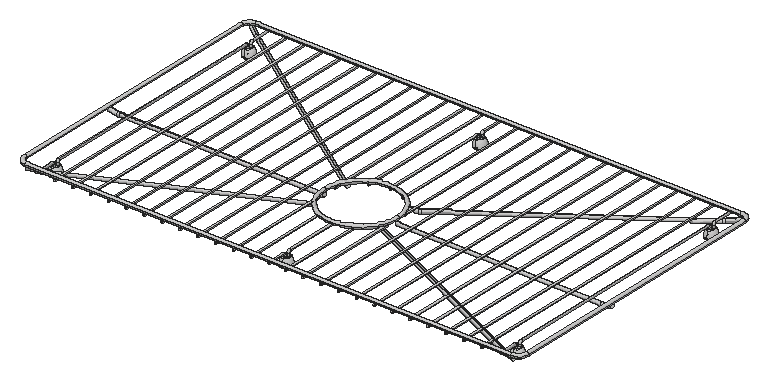
Revit family "Accessory-Sink_Rack-KOHLER-Strive-K-33162_1", category Specialty Equipment, host Face, Revit 2021
Family settings
  Host = Face
  Round Connector Dimension = Use Diameter
  Part Type = Normal
  OmniClass Number = 23.31.13.00
  OmniClass Title = Sinks
  Cut with Voids When Loaded = No
  Shared = No
  Room Calculation Point = No
Parameters (values of type "ST-Stainless Steel")
  Width = 16 177/256"  # constant formula
  WaterSense Certified = 1 = 0  # no
  URL = "https://www.us.kohler.com/us/"
  Type = 1
  Product Page URL = "http://www.us.kohler.com/us/catalog/productDetails.jsp?productNumber=33162"
  Product Name = "Strive"  # constant formula
  Product Documentation Link = "https://www.us.kohler.com/webassets/kpna/catalog/pdf/en/K-33162_spec_US-CA_Kohler_en.pdf"
  Model = "K-33162-ST"  # constant formula
  Material = "Stainless Steel\r\n"  # constant formula
  Master Format 2014 Name = "Toilet, Bath, and Laundry Accessories"  # constant formula
  Master Format 2014 = "10 28 00"  # constant formula
  Manufacturer Address = "444 Highland Dr, Kohler, WI 53044"  # constant formula
  Manufacturer = "Kohler Co."  # constant formula
  Length = 29 1/64"  # constant formula
  Height = 1 3/128"  # constant formula
  Finish = KOHLER-Metal-ST-Stainless_Steel
  Environmental Product Declaration = ""
  Description = "BasinRack For 33 Inch 1-Basin Farmhouse"  # constant formula
  Default Elevation = 0"
  Declare Label = ""
  Date Modified = "05/12/2023"  # constant formula
  Date Created = "05/12/2023"  # constant formula
  Copyright = "Copyright Kohler Co."  # constant formula
  Contact Us = "https://www.us.kohler.com/us/static/contact.jsp"
  Assembly Code = "C1030200"
  ADA Compliant = 1 = 0  # no
Reference planes (in)
  plane 1 "Center (Front/Back)": y = 0
  plane 2: z = 0
  plane 3 "Center (Left/Right)": x = 0
  plane 4: x = -14.50787
  plane 5: x = 14.50775
  plane 6: y = 10.03937
  plane 7: y = -18.97638
  plane 8: y = -5.3105
  plane 9: x = 13.26781
  plane 10: x = -13.26178
  plane 11: y = 2.19096
  plane 12: y = -2.19096
  plane 13: x = -2.20563
  plane 14: x = 2.2115
  plane 15: y = 8.56202
  plane 16: z = 1.02344
  plane 17: z = 0.82659
  plane 18: y = -6.65204
Dimensions and locks (in)
  "Length": plane 4 to plane 5
  plane 4 to plane 10 = 1 63/256"
  plane 4 to plane 3 "Center (Left/Right)" = 14.50787"
  plane 13 to plane 14 = 4.41714"
  plane 6 to plane 15 = 1.47735"
  plane 1 "Center (Front/Back)" to plane 6 = 10.03937"
  plane 16 to plane 17 = 0.19685"
  "Height": plane 16 to level
  "Width": plane 6 to plane 18
  aligned and locked: plane 2 to host face
  aligned and locked: level to host face
Automatic sketch dimensions
  host sketch curve to host sketch curve = 96"  (x2)
Nested families (in)
  nested 1: "K-33162" at (0, 0, 0), type "K-33162"
Definition of nested family "K-33162"
  Parameters
    Material = none
    Default Elevation = 0"
  Reference planes (in)
    plane 1 "Center (Front/Back)": y = 0
    plane 2: z = 0
    plane 3 "Center (Left/Right)": x = 0
    plane 4: x = -14.50787
    plane 5: x = 14.50787
    plane 6: y = 10.03937
    plane 7: y = -6.65354
    plane 8: x = -13.2874
    plane 9: z = 1.02362
    plane 10: z = 0.82677
    plane 11: x = 13.2874
    plane 12: y = 9.84252
    plane 13: y = -6.45669
    plane 14: x = -14.31102
    plane 15: x = 14.31102
    plane 16: y = 9.94094
    plane 17: x = 14.40945
    plane 18: y = -6.55512
    plane 19 "A": through (1.7942, 1.262, 48) normal (-0.5715, 0.8206, 0)
    plane 20 "B": through (1.99805, -0.89288, 48) normal (0.4257, 0.9048, 0)
    plane 21 "C": through (-1.97567, -0.91761, 48) normal (0.4235, -0.9059, 0)
    plane 22 "D": through (-1.79185, 1.25701, 48) normal (-0.5718, -0.8204, 0)
    plane 23: y = 2.19096
    plane 24: y = -2.19096
    plane 25: y = 1.99411
    plane 26: y = -1.99411
    plane 27: x = -12.23628
    plane 28: z = 0.77197
    plane 29 "G": x = 13.26781
    plane 30: x = 12.24527
    plane 31: x = 11.21893
    plane 32: x = 10.19345
    plane 33: x = 9.16921
    plane 34: x = 8.14266
    plane 35: x = 7.11843
    plane 36: x = 6.09419
    plane 37: x = 5.06841
    plane 38: x = 4.04418
    plane 39: x = 3.01763
    plane 40: x = 1.99253
    plane 41: x = 0.99753
    plane 42 "F": x = 0.00293
    plane 43: x = -0.99185
    plane 44: x = -1.98604
    plane 45: x = -3.01134
    plane 46 "E": x = -13.26178
    plane 47: x = -11.21222
    plane 48: x = -10.18645
    plane 49: x = -9.16221
    plane 50: x = -8.13643
    plane 51: x = -7.11066
    plane 52: x = -6.08642
    plane 53: x = -5.06065
    plane 54: x = -4.03711
    plane 55: y = -5.3105
    plane 56: y = 8.56202
    plane 57: y = 1.69291
    plane 58 "z": through (13.99174, 9.75677, 48) normal (-0.8206, -0.5715, 0)
    plane 59 "X": through (-14.17313, 9.77191, 48) normal (-0.8204, 0.5718, 0)
    plane 60 "Y": through (-14.01894, -6.44335, 48) normal (0.9059, 0.4235, 0)
    plane 61 "W": through (13.93497, -6.60021, 48) normal (-0.9048, 0.4257, 0)
    plane 62: x = -2.20563
    plane 63: x = 2.2115
  Forms (in)
    Sweep 1, solid, material <- "Material", detail levels medium+fine
      path origin (0, 0, 0) x (1, 0, 0) y (0, 1, 0)
        loop
          arc (-13.91157, 9.94094) -> (-14.26362, 9.79512) -> (-14.40945, 9.44306) r 0.49788
          line (-14.40945, 9.44306) -> (-14.40945, -6.07211)
          arc (-14.40945, -6.07211) -> (-14.26798, -6.41365) -> (-13.92644, -6.55512) r 0.48301
          line (-13.92644, -6.55512) -> (13.93926, -6.55512)
          arc (13.93926, -6.55512) -> (14.27173, -6.4174) -> (14.40945, -6.08493) r 0.47019
          line (14.40945, -6.08493) -> (14.40945, 9.45974)
          arc (14.40945, 9.45974) -> (14.26851, 9.8) -> (13.92824, 9.94094) r 0.48121
          line (13.92824, 9.94094) -> (-13.91157, 9.94094)
      profile origin (0.00834, 9.94094, 0) x (0, 1, 0) y (0, 0, 1)
        loop
          circle (0.00058, 0.92561) r 0.09843
    Sweep 2, solid, material <- "Material"
      path origin (0, 0, 0.0123) x (1, 0, 0) y (0, 0, 1)
        loop
          line (14.42359, 0.73291) -> (14.00527, 0.644)
          arc (14.00527, 0.644) -> (13.93291, 0.63254) -> (13.85975, 0.6287) r 0.69991
          line (13.85975, 0.6287) -> (2.09555, 0.6287)
      profile origin (14.42359, 0, 0.74522) x (0.207912, 0, -0.978148) y (0, -1, 0)
        loop
          circle (0.01384, -0.00615) r 0.09449
    Sweep 3, solid, material <- "Material"
      path origin (0, 0, -0.00923) x (1, 0, 0) y (0, 0, 1)
        loop
          line (-2.09105, 0.63931) -> (-13.75361, 0.63931)
          arc (-13.75361, 0.63931) -> (-13.83247, 0.64275) -> (-13.91072, 0.65305) r 0.90475
          line (-13.91072, 0.65305) -> (-14.42159, 0.74313)
      profile origin (-14.42159, 0, 0.73391) x (-0.173648, 0, -0.984808) y (0, -1, 0)
        loop
          circle (0.00308, -0.00615) r 0.09449
    Sweep 4, solid, material <- "Material"
      path origin (-0.00584, 0.00839, -0.01845) x (-0.820605, -0.571496, 0) y (0, 0, 1)
        loop
          line (-17.27784, 0.75718) -> (-16.39701, 0.64903)
          arc (-16.39701, 0.64903) -> (-16.32493, 0.64241) -> (-16.25259, 0.6402) r 1.18502
          line (-16.25259, 0.6402) -> (-2.73167, 0.6402)
          arc (-2.73167, 0.6402) -> (-2.65808, 0.64341) -> (-2.58506, 0.65302) r 0.84431
          line (-2.58506, 0.65302) -> (-2.16871, 0.72644)
      profile origin (14.17243, 9.88261, 0.73873) x (-0.100007, -0.069648, 0.992546) y (-0.571496, 0.820605, 0)
        loop
          circle (0, 0) r 0.09449
    Sweep 5, solid, material <- "Material"
      path origin (0.04086, 0.02801, -0.0123) x (-0.904845, 0.425741, 0) y (0, 0, 1)
        loop
          line (-15.39538, 0.74288) -> (-14.70931, 0.64646)
          arc (-14.70931, 0.64646) -> (-14.65857, 0.64113) -> (-14.60758, 0.63935) r 0.73098
          line (-14.60758, 0.63935) -> (-2.13676, 0.63935)
      profile origin (13.9713, -6.52644, 0.73058) x (-0.12593, 0.059252, 0.990268) y (0.425741, 0.904845, 0)
        loop
          circle (0, 0.01179) r 0.09449
    Sweep 6, solid, material <- "Material"
      path origin (0.00272, 0.00637, -0.00647) x (0.820423, -0.571757, 0) y (0, 0, 1)
        loop
          line (-17.21329, 0.73702) -> (-16.4414, 0.6559)
          arc (-16.4414, 0.6559) -> (-16.27088, 0.64248) -> (-16.09989, 0.638) r 3.26711
          line (-16.09989, 0.638) -> (-2.66413, 0.638)
          arc (-2.66413, 0.638) -> (-2.5965, 0.64125) -> (-2.52951, 0.65096) r 0.70551
          line (-2.52951, 0.65096) -> (-2.07042, 0.7402)
      profile origin (-14.11946, 9.84818, 0.73056) x (0.085758, -0.059765, 0.994522) y (-0.571757, -0.820423, 0)
        loop
          circle (0, -0.00067) r 0.09449
    Sweep 7, solid, material <- "Material"
      path origin (-0.00226, 0.00484, 0.00077) x (0.905913, 0.423463, 0) y (0, 0, 1)
        loop
          line (-15.41959, 0.74046) -> (-14.76575, 0.6369)
          arc (-14.76575, 0.6369) -> (-14.69691, 0.62876) -> (-14.62765, 0.62603) r 0.8828
          line (-14.62765, 0.62603) -> (-2.18209, 0.62603)
      profile origin (-13.97107, -6.52479, 0.74123) x (0.141716, 0.066244, 0.987688) y (0.423463, -0.905913, 0)
        loop
          circle (0, 0) r 0.09449
    Sweep 8, solid, material <- "Material", detail levels medium+fine
      path origin (0, -0.17347, 0) x (1, 0, 0) y (0, 1, 0)
        loop
          circle (0.00323, 0.17103) r 2.09843
      profile origin (0.00323, 2.09599, 0) x (0, -1, 0) y (0, 0, 1)
        loop
          circle (0, 0.92143) r 0.09449
    Extrusion 9, solid, material <- "Material", detail levels medium+fine
      sketch origin (0, 0, -0.0036) x (1, 0, 0) y (0, 0, 1)
        loop
          circle (-12.23673, 0.77313) r 0.05314
        loop
          circle (-11.2124, 0.77313) r 0.05314
        loop
          circle (-10.18656, 0.77313) r 0.05314
        loop
          circle (-9.16223, 0.77313) r 0.05314
        loop
          circle (-8.13684, 0.77313) r 0.05314
        loop
          circle (-7.11142, 0.77313) r 0.05314
        loop
          circle (-6.08663, 0.77313) r 0.05314
        loop
          circle (-5.0626, 0.77313) r 0.05314
        loop
          circle (-4.03746, 0.77313) r 0.05314
        loop
          circle (-3.01228, 0.77313) r 0.05314
        loop
          circle (3.01914, 0.77313) r 0.05314
        loop
          circle (4.03958, 0.77313) r 0.05314
        loop
          circle (5.06824, 0.77313) r 0.05314
        loop
          circle (6.09276, 0.77313) r 0.05314
        loop
          circle (7.1182, 0.77313) r 0.05314
        loop
          circle (8.14228, 0.77313) r 0.05314
        loop
          circle (9.1689, 0.77313) r 0.05314
        loop
          circle (10.19185, 0.77313) r 0.05314
        loop
          circle (11.21903, 0.77313) r 0.05314
        loop
          circle (12.24305, 0.77313) r 0.05314
      from -9.89541 to 6.64756
    Sweep 10, solid, material <- "Material"
      path origin (-13.26178, 0, 0) x (0, 0, 1) y (0, -1, 0)
        loop
          line (0.77382, -9.93521) -> (0.77382, -8.77315)
          arc (0.77382, -8.77315) -> (0.75177, -8.71992) -> (0.69854, -8.69787) r 0.07527
          line (0.69854, -8.69787) -> (0.27514, -8.69787)
          arc (0.27514, -8.69787) -> (0.1439, -8.56663) -> (0.27514, -8.43539) r 0.13124
          line (0.27514, -8.43539) -> (0.68656, -8.43539)
          arc (0.68656, -8.43539) -> (0.74826, -8.40984) -> (0.77382, -8.34814) r 0.08726
          line (0.77382, -8.34814) -> (0.77382, 5.09928)
          arc (0.77382, 5.09928) -> (0.7505, 5.15558) -> (0.69421, 5.1789) r 0.07961
          line (0.69421, 5.1789) -> (0.27461, 5.1789)
          arc (0.27461, 5.1789) -> (0.14407, 5.30943) -> (0.27461, 5.43997) r 0.13054
          line (0.27461, 5.43997) -> (0.69589, 5.43997)
          arc (0.69589, 5.43997) -> (0.75099, 5.4628) -> (0.77382, 5.5179) r 0.07793
          line (0.77382, 5.5179) -> (0.77382, 6.52398)
      profile origin (-13.26178, 9.93521, 0.77382) x (0, 0, -1) y (1, 0, 0)
        loop
          circle (0, 0) r 0.05315
    Sweep 11, solid, material <- "Material"
      path origin (13.26781, 0, 0) x (0, 0, 1) y (0, -1, 0)
        loop
          line (0.77382, -9.93521) -> (0.77382, -8.77315)
          arc (0.77382, -8.77315) -> (0.75177, -8.71992) -> (0.69854, -8.69787) r 0.07527
          line (0.69854, -8.69787) -> (0.27514, -8.69787)
          arc (0.27514, -8.69787) -> (0.1439, -8.56663) -> (0.27514, -8.43539) r 0.13124
          line (0.27514, -8.43539) -> (0.68656, -8.43539)
          arc (0.68656, -8.43539) -> (0.74826, -8.40984) -> (0.77382, -8.34814) r 0.08726
          line (0.77382, -8.34814) -> (0.77382, 5.09928)
          arc (0.77382, 5.09928) -> (0.7505, 5.15558) -> (0.69421, 5.1789) r 0.07961
          line (0.69421, 5.1789) -> (0.27461, 5.1789)
          arc (0.27461, 5.1789) -> (0.14407, 5.30943) -> (0.27461, 5.43997) r 0.13054
          line (0.27461, 5.43997) -> (0.69589, 5.43997)
          arc (0.69589, 5.43997) -> (0.75099, 5.4628) -> (0.77382, 5.5179) r 0.07793
          line (0.77382, 5.5179) -> (0.77382, 6.52398)
      profile origin (13.26781, 9.93521, 0.77382) x (0, 0, -1) y (1, 0, 0)
        loop
          circle (0, 0) r 0.05315
    Revolve 12, solid, material <- "Material", detail levels medium+fine
      sketch origin (0, 0, 0) x (0, 1, 0) y (0, 0, 1)
        loop
          line (8.77695, 0.56009) -> (8.56841, 0.56009) -> (8.56841, 0)
          arc (8.56841, 0) -> (8.7357, 0.02297) -> (8.88426, 0.10321) r 0.47314
          arc (8.88426, 0.10321) -> (8.89472, 0.11614) -> (8.89878, 0.13227) r 0.03871
          arc (8.89878, 0.13227) -> (8.87763, 0.34468) -> (8.80275, 0.54457) r 0.82579
          arc (8.80275, 0.54457) -> (8.792, 0.55591) -> (8.77695, 0.56009) r 0.02921
        axis (8.56841, 0.56009) -> (8.56841, 0)
      angle from 0 to 360
    Extrusion 13, void
      sketch origin (0, 0, 0) x (1, 0, 0) y (0, 1, 0)
        loop
          arc (0.05641, 8.70431) -> (0.00298, 8.75774) -> (-0.05045, 8.70431) r 0.05343
          line (-0.05045, 8.70431) -> (-0.05045, 8.42993)
          arc (-0.05045, 8.42993) -> (0.00298, 8.3765) -> (0.05641, 8.42993) r 0.05343
          line (0.05641, 8.42993) -> (0.05641, 8.70431)
      from 0.08795 to 0.56272
    Revolve 14, solid, material <- "Material", detail levels medium+fine
      sketch origin (-13.26092, 0, 0) x (0, 1, 0) y (0, 0, 1)
        loop
          line (8.77695, 0.56009) -> (8.56841, 0.56009) -> (8.56841, 0)
          arc (8.56841, 0) -> (8.7357, 0.02297) -> (8.88426, 0.10321) r 0.47314
          arc (8.88426, 0.10321) -> (8.89472, 0.11614) -> (8.89878, 0.13227) r 0.03871
          arc (8.89878, 0.13227) -> (8.87763, 0.34468) -> (8.80275, 0.54457) r 0.82579
          arc (8.80275, 0.54457) -> (8.792, 0.55591) -> (8.77695, 0.56009) r 0.02921
        axis (8.56841, 0.56009) -> (8.56841, 0)
      angle from 0 to 360
    Extrusion 15, void
      sketch origin (-13.26707, 0, 0) x (1, 0, 0) y (0, 1, 0)
        loop
          arc (0.05641, 8.70431) -> (0.00298, 8.75774) -> (-0.05045, 8.70431) r 0.05343
          line (-0.05045, 8.70431) -> (-0.05045, 8.42993)
          arc (-0.05045, 8.42993) -> (0.00298, 8.3765) -> (0.05641, 8.42993) r 0.05343
          line (0.05641, 8.42993) -> (0.05641, 8.70431)
      from 0.08795 to 0.56272
    Revolve 16, solid, material <- "Material", detail levels medium+fine
      sketch origin (13.26429, 0, 0) x (0, 1, 0) y (0, 0, 1)
        loop
          line (8.77695, 0.56009) -> (8.56841, 0.56009) -> (8.56841, 0)
          arc (8.56841, 0) -> (8.7357, 0.02297) -> (8.88426, 0.10321) r 0.47314
          arc (8.88426, 0.10321) -> (8.89472, 0.11614) -> (8.89878, 0.13227) r 0.03871
          arc (8.89878, 0.13227) -> (8.87763, 0.34468) -> (8.80275, 0.54457) r 0.82579
          arc (8.80275, 0.54457) -> (8.792, 0.55591) -> (8.77695, 0.56009) r 0.02921
        axis (8.56841, 0.56009) -> (8.56841, 0)
      angle from 0 to 360
    Extrusion 17, void
      sketch origin (13.26429, 0, 0) x (1, 0, 0) y (0, 1, 0)
        loop
          arc (0.05641, 8.70431) -> (0.00298, 8.75774) -> (-0.05045, 8.70431) r 0.05343
          line (-0.05045, 8.70431) -> (-0.05045, 8.42993)
          arc (-0.05045, 8.42993) -> (0.00298, 8.3765) -> (0.05641, 8.42993) r 0.05343
          line (0.05641, 8.42993) -> (0.05641, 8.70431)
      from 0.08795 to 0.56272
    Revolve 18, solid, material <- "Material", detail levels medium+fine
      sketch origin (-13.26092, -13.87867, 0) x (0, 1, 0) y (0, 0, 1)
        loop
          line (8.77695, 0.56009) -> (8.56841, 0.56009) -> (8.56841, 0)
          arc (8.56841, 0) -> (8.7357, 0.02297) -> (8.88426, 0.10321) r 0.47314
          arc (8.88426, 0.10321) -> (8.89472, 0.11614) -> (8.89878, 0.13227) r 0.03871
          arc (8.89878, 0.13227) -> (8.87763, 0.34468) -> (8.80275, 0.54457) r 0.82579
          arc (8.80275, 0.54457) -> (8.792, 0.55591) -> (8.77695, 0.56009) r 0.02921
        axis (8.56841, 0.56009) -> (8.56841, 0)
      angle from 0 to 360
    Revolve 19, solid, material <- "Material", detail levels medium+fine
      sketch origin (0.00198, -13.87867, 0) x (0, 1, 0) y (0, 0, 1)
        loop
          line (8.77695, 0.56009) -> (8.56841, 0.56009) -> (8.56841, 0)
          arc (8.56841, 0) -> (8.7357, 0.02297) -> (8.88426, 0.10321) r 0.47314
          arc (8.88426, 0.10321) -> (8.89472, 0.11614) -> (8.89878, 0.13227) r 0.03871
          arc (8.89878, 0.13227) -> (8.87763, 0.34468) -> (8.80275, 0.54457) r 0.82579
          arc (8.80275, 0.54457) -> (8.792, 0.55591) -> (8.77695, 0.56009) r 0.02921
        axis (8.56841, 0.56009) -> (8.56841, 0)
      angle from 0 to 360
    Revolve 20, solid, material <- "Material", detail levels medium+fine
      sketch origin (13.26637, -13.87867, 0) x (0, 1, 0) y (0, 0, 1)
        loop
          line (8.77695, 0.56009) -> (8.56841, 0.56009) -> (8.56841, 0)
          arc (8.56841, 0) -> (8.7357, 0.02297) -> (8.88426, 0.10321) r 0.47314
          arc (8.88426, 0.10321) -> (8.89472, 0.11614) -> (8.89878, 0.13227) r 0.03871
          arc (8.89878, 0.13227) -> (8.87763, 0.34468) -> (8.80275, 0.54457) r 0.82579
          arc (8.80275, 0.54457) -> (8.792, 0.55591) -> (8.77695, 0.56009) r 0.02921
        axis (8.56841, 0.56009) -> (8.56841, 0)
      angle from 0 to 360
    Extrusion 21, void
      sketch origin (0, 0, 0) x (1, 0, 0) y (0, 1, 0)
        loop
          arc (-13.208, -5.17275) -> (-13.26136, -5.11939) -> (-13.31472, -5.17275) r 0.05336
          line (-13.31472, -5.17275) -> (-13.31472, -5.44828)
          arc (-13.31472, -5.44828) -> (-13.26136, -5.50164) -> (-13.208, -5.44828) r 0.05336
          line (-13.208, -5.44828) -> (-13.208, -5.17275)
      from 0.07355 to 0.56243
    Extrusion 22, void
      sketch origin (0, 0, 0) x (1, 0, 0) y (0, 1, 0)
        loop
          line (-0.05083, -5.17318) -> (-0.05083, -5.44741)
          arc (-0.05083, -5.44741) -> (0.00262, -5.50087) -> (0.05608, -5.44741) r 0.05345
          line (0.05608, -5.44741) -> (0.05608, -5.17318)
          arc (0.05608, -5.17318) -> (0.00262, -5.11972) -> (-0.05083, -5.17318) r 0.05345
      from 0.06127 to 0.57795
    Extrusion 23, void
      sketch origin (0, 0, 0) x (1, 0, 0) y (0, 1, 0)
        loop
          arc (13.2144, -5.4484) -> (13.26752, -5.50152) -> (13.32064, -5.4484) r 0.05312
          line (13.32064, -5.4484) -> (13.32064, -5.17274)
          arc (13.32064, -5.17274) -> (13.26752, -5.11962) -> (13.2144, -5.17274) r 0.05312
          line (13.2144, -5.17274) -> (13.2144, -5.4484)
      from 0.07355 to 0.57204
    Extrusion 24, solid, material <- "Material", detail levels medium+fine
      sketch origin (0, 0, 0) x (1, 0, 0) y (0, 0, 1)
        loop
          circle (0.99753, 0.77197) r 0.05315
        loop
          circle (-0.99185, 0.77197) r 0.05315
      from 1.82248 to 6.64756
    Extrusion 25, solid, material <- "Material", detail levels medium+fine
      sketch origin (0, 0, 0) x (1, 0, 0) y (0, 0, 1)
        loop
          circle (0.99753, 0.77197) r 0.05315
        loop
          circle (-0.99185, 0.77197) r 0.05315
      from -9.89541 to -1.79879
    Extrusion 26, solid, material <- "Material", detail levels medium+fine
      sketch origin (0, 0, 0) x (1, 0, 0) y (0, 0, 1)
        loop
          circle (1.99337, 0.77414) r 0.05314
        loop
          circle (-1.98604, 0.77414) r 0.05314
      from 0.61905 to 6.64756
    Extrusion 27, solid, material <- "Material", detail levels medium+fine
      sketch origin (0, 0, 0) x (1, 0, 0) y (0, 0, 1)
        loop
          circle (1.99337, 0.77414) r 0.05314
        loop
          circle (-1.98604, 0.77414) r 0.05314
      from 0.61905 to 6.64756
    Extrusion 28, solid, material <- "Material", detail levels medium+fine
      sketch origin (0, 10.23622, 0) x (1, 0, 0) y (0, 0, 1)
        loop
          circle (1.99337, 0.77414) r 0.05314
        loop
          circle (-1.98604, 0.77414) r 0.05314
      from 0.34082 to 9.58744
    Sweep 29, solid, material <- "Material"
      path origin (0, 0, 0) x (0, 1, 0) y (0, 0, 1)
        loop
          line (9.93521, 0.77382) -> (8.78146, 0.77382)
          arc (8.78146, 0.77382) -> (8.72905, 0.75211) -> (8.70734, 0.6997) r 0.07412
          line (8.70734, 0.6997) -> (8.70734, 0.27675)
          arc (8.70734, 0.27675) -> (8.56907, 0.13848) -> (8.43079, 0.27675) r 0.13827
          line (8.43079, 0.27675) -> (8.43079, 0.67986)
          arc (8.43079, 0.67986) -> (8.40382, 0.745) -> (8.33868, 0.77197) r 0.09211
          line (8.33868, 0.77197) -> (2.11633, 0.77197)
      profile origin (0, 9.35833, 0.77382) x (0, 0, -1) y (1, 0, 0)
        loop
          circle (0, 0) r 0.05512
    Sweep 30, solid, material <- "Material"
      path origin (0, 0, 0) x (0, 1, 0) y (0, 0, 1)
        loop
          line (-6.56235, 0.77414) -> (-5.53868, 0.77414)
          arc (-5.53868, 0.77414) -> (-5.4702, 0.74577) -> (-5.44184, 0.67729) r 0.09685
          line (-5.44184, 0.67729) -> (-5.44184, 0.2744)
          arc (-5.44184, 0.2744) -> (-5.30841, 0.14098) -> (-5.17499, 0.2744) r 0.13343
          line (-5.17499, 0.2744) -> (-5.17499, 0.7102)
          arc (-5.17499, 0.7102) -> (-5.15689, 0.75388) -> (-5.11321, 0.77197) r 0.06177
          line (-5.11321, 0.77197) -> (-2.08803, 0.77197)
      profile origin (0, -3.60062, 0.77197) x (0, 0, 1) y (1, 0, 0)
        loop
          circle (0, 0) r 0.05512
    Revolve 31, solid, material <- "Material", detail levels coarse
      sketch origin (-13.26092, -0.00436, 0.39019) x (0, 1, 0) y (0, 0, 1)
        loop
          line (8.56841, 0.21241) -> (8.56841, -0.41308)
          arc (8.56841, -0.41308) -> (8.74853, -0.3955) -> (8.90887, -0.31158) r 0.47314
          arc (8.90887, -0.31158) -> (8.91932, -0.29864) -> (8.92338, -0.28252) r 0.03871
          arc (8.92338, -0.28252) -> (8.89745, -0.05063) -> (8.8077, 0.16474) r 0.82579
          arc (8.8077, 0.16474) -> (8.77209, 0.19966) -> (8.72387, 0.21241) r 0.09754
          line (8.72387, 0.21241) -> (8.56841, 0.21241)
        axis (8.56841, 0.21241) -> (8.56841, -0.41308)
      angle from 0 to 360
    Revolve 32, solid, material <- "Material", detail levels coarse
      sketch origin (-13.26092, -13.87018, 0.39019) x (0, 1, 0) y (0, 0, 1)
        loop
          line (8.56841, 0.21241) -> (8.56841, -0.41308)
          arc (8.56841, -0.41308) -> (8.74853, -0.3955) -> (8.90887, -0.31158) r 0.47314
          arc (8.90887, -0.31158) -> (8.91932, -0.29864) -> (8.92338, -0.28252) r 0.03871
          arc (8.92338, -0.28252) -> (8.89745, -0.05063) -> (8.8077, 0.16474) r 0.82579
          arc (8.8077, 0.16474) -> (8.77209, 0.19966) -> (8.72387, 0.21241) r 0.09754
          line (8.72387, 0.21241) -> (8.56841, 0.21241)
        axis (8.56841, 0.21241) -> (8.56841, -0.41308)
      angle from 0 to 360
    Revolve 33, solid, material <- "Material", detail levels coarse
      sketch origin (0.00581, -13.87018, 0.39019) x (0, 1, 0) y (0, 0, 1)
        loop
          line (8.56841, 0.21241) -> (8.56841, -0.41308)
          arc (8.56841, -0.41308) -> (8.74853, -0.3955) -> (8.90887, -0.31158) r 0.47314
          arc (8.90887, -0.31158) -> (8.91932, -0.29864) -> (8.92338, -0.28252) r 0.03871
          arc (8.92338, -0.28252) -> (8.89745, -0.05063) -> (8.8077, 0.16474) r 0.82579
          arc (8.8077, 0.16474) -> (8.77209, 0.19966) -> (8.72387, 0.21241) r 0.09754
          line (8.72387, 0.21241) -> (8.56841, 0.21241)
        axis (8.56841, 0.21241) -> (8.56841, -0.41308)
      angle from 0 to 360
    Revolve 34, solid, material <- "Material", detail levels coarse
      sketch origin (0.00581, 0.0109, 0.39019) x (0, 1, 0) y (0, 0, 1)
        loop
          line (8.56841, 0.21241) -> (8.56841, -0.41308)
          arc (8.56841, -0.41308) -> (8.74853, -0.3955) -> (8.90887, -0.31158) r 0.47314
          arc (8.90887, -0.31158) -> (8.91932, -0.29864) -> (8.92338, -0.28252) r 0.03871
          arc (8.92338, -0.28252) -> (8.89745, -0.05063) -> (8.8077, 0.16474) r 0.82579
          arc (8.8077, 0.16474) -> (8.77209, 0.19966) -> (8.72387, 0.21241) r 0.09754
          line (8.72387, 0.21241) -> (8.56841, 0.21241)
        axis (8.56841, 0.21241) -> (8.56841, -0.41308)
      angle from 0 to 360
    Revolve 35, solid, material <- "Material", detail levels coarse
      sketch origin (13.27044, 0.0109, 0.39019) x (0, 1, 0) y (0, 0, 1)
        loop
          line (8.56841, 0.21241) -> (8.56841, -0.41308)
          arc (8.56841, -0.41308) -> (8.74853, -0.3955) -> (8.90887, -0.31158) r 0.47314
          arc (8.90887, -0.31158) -> (8.91932, -0.29864) -> (8.92338, -0.28252) r 0.03871
          arc (8.92338, -0.28252) -> (8.89745, -0.05063) -> (8.8077, 0.16474) r 0.82579
          arc (8.8077, 0.16474) -> (8.77209, 0.19966) -> (8.72387, 0.21241) r 0.09754
          line (8.72387, 0.21241) -> (8.56841, 0.21241)
        axis (8.56841, 0.21241) -> (8.56841, -0.41308)
      angle from 0 to 360
    Revolve 36, solid, material <- "Material", detail levels coarse
      sketch origin (13.27044, -13.88273, 0.39019) x (0, 1, 0) y (0, 0, 1)
        loop
          line (8.56841, 0.21241) -> (8.56841, -0.41308)
          arc (8.56841, -0.41308) -> (8.74853, -0.3955) -> (8.90887, -0.31158) r 0.47314
          arc (8.90887, -0.31158) -> (8.91932, -0.29864) -> (8.92338, -0.28252) r 0.03871
          arc (8.92338, -0.28252) -> (8.89745, -0.05063) -> (8.8077, 0.16474) r 0.82579
          arc (8.8077, 0.16474) -> (8.77209, 0.19966) -> (8.72387, 0.21241) r 0.09754
          line (8.72387, 0.21241) -> (8.56841, 0.21241)
        axis (8.56841, 0.21241) -> (8.56841, -0.41308)
      angle from 0 to 360
    Extrusion 37, solid, material <- "Material", detail levels coarse
      sketch origin (0, 0, 0) x (1, 0, 0) y (0, 1, 0)
        loop
          line (13.93988, 10.03937) -> (-13.91905, 10.03937)
          arc (-13.91905, 10.03937) -> (-14.33541, 9.86691) -> (-14.50787, 9.45055) r 0.58882
          line (-14.50787, 9.45055) -> (-14.50787, -6.05503)
          arc (-14.50787, -6.05503) -> (-14.33257, -6.47824) -> (-13.90937, -6.65354) r 0.59851
          line (-13.90937, -6.65354) -> (13.91563, -6.65354)
          arc (13.91563, -6.65354) -> (14.33441, -6.48008) -> (14.50787, -6.0613) r 0.59224
          line (14.50787, -6.0613) -> (14.50787, 9.47137)
          arc (14.50787, 9.47137) -> (14.34151, 9.87301) -> (13.93988, 10.03937) r 0.568
        loop
          arc (-13.91732, 9.84252) -> (-14.19571, 9.72721) -> (-14.31102, 9.44882) r 0.3937
          line (-14.31102, 9.44882) -> (-14.31102, -6.06299)
          arc (-14.31102, -6.06299) -> (-14.19571, -6.34138) -> (-13.91732, -6.45669) r 0.3937
          line (-13.91732, -6.45669) -> (13.94701, -6.45669)
          arc (13.94701, -6.45669) -> (14.20441, -6.35008) -> (14.31102, -6.09268) r 0.36401
          line (14.31102, -6.09268) -> (14.31102, 9.44882)
          arc (14.31102, 9.44882) -> (14.19571, 9.72721) -> (13.91732, 9.84252) r 0.3937
          line (13.91732, 9.84252) -> (-13.91732, 9.84252)
      from 0.82701 to 1.0236
    Extrusion 38, solid, material <- "Material", detail levels coarse
      sketch origin (0, 0, 0) x (1, 0, 0) y (0, 1, 0)
        loop
          circle (0.00293, 0) r 2.01176
        loop
          circle (0.00293, 0) r 2.21065
      from 0.82701 to 1.0236
    Extrusion 39, solid, material <- "Material", detail levels coarse
      sketch origin (0, 0, 0) x (1, 0, 0) y (0, 1, 0)
        loop
          line (-12.28987, 9.93521) -> (-12.28987, -6.52398) -> (-12.18357, -6.52398) -> (-12.18357, 9.93521) -> (-12.28987, 9.93521)
        loop
          line (-11.26683, 9.93521) -> (-11.26683, -6.52398) -> (-11.16053, -6.52398) -> (-11.16053, 9.93521) -> (-11.26683, 9.93521)
        loop
          line (-10.24004, 9.93521) -> (-10.24004, -6.52398) -> (-10.13374, -6.52398) -> (-10.13374, 9.93521) -> (-10.24004, 9.93521)
        loop
          line (-9.2158, 9.93521) -> (-9.2158, -6.52398) -> (-9.1095, -6.52398) -> (-9.1095, 9.93521) -> (-9.2158, 9.93521)
        loop
          line (-8.19003, 9.93521) -> (-8.19003, -6.52398) -> (-8.08373, -6.52398) -> (-8.08373, 9.93521) -> (-8.19003, 9.93521)
        loop
          line (-7.16425, 9.93521) -> (-7.16425, -6.52398) -> (-7.05795, -6.52398) -> (-7.05795, 9.93521) -> (-7.16425, 9.93521)
        loop
          line (-6.14001, 9.93521) -> (-6.14001, -6.52398) -> (-6.03372, -6.52398) -> (-6.03372, 9.93521) -> (-6.14001, 9.93521)
        loop
          line (-5.11424, 9.93521) -> (-5.11424, -6.52398) -> (-5.00794, -6.52398) -> (-5.00794, 9.93521) -> (-5.11424, 9.93521)
        loop
          line (-4.09071, 9.93521) -> (-4.09071, -6.52398) -> (-3.98441, -6.52398) -> (-3.98441, 9.93521) -> (-4.09071, 9.93521)
        loop
          line (-3.06493, 9.93521) -> (-3.06493, -6.52398) -> (-2.95863, -6.52398) -> (-2.95863, 9.93521) -> (-3.06493, 9.93521)
        loop
          line (2.96671, 9.93521) -> (2.96671, -6.52398) -> (3.07301, -6.52398) -> (3.07301, 9.93521) -> (2.96671, 9.93521)
        loop
          line (3.98557, 9.93521) -> (3.98557, -6.52398) -> (4.09187, -6.52398) -> (4.09187, 9.93521) -> (3.98557, 9.93521)
        loop
          line (5.01099, 9.93521) -> (5.01099, -6.52398) -> (5.11729, -6.52398) -> (5.11729, 9.93521) -> (5.01099, 9.93521)
        loop
          line (6.04446, 9.93521) -> (6.04446, -6.52398) -> (6.15076, -6.52398) -> (6.15076, 9.93521) -> (6.04446, 9.93521)
        loop
          line (7.06899, 9.93521) -> (7.06899, -6.52398) -> (7.17529, -6.52398) -> (7.17529, 9.93521) -> (7.06899, 9.93521)
        loop
          line (8.08515, 9.93521) -> (8.08515, -6.52398) -> (8.19145, -6.52398) -> (8.19145, 9.93521) -> (8.08515, 9.93521)
        loop
          line (9.11829, 9.93521) -> (9.11829, -6.52398) -> (9.22459, -6.52398) -> (9.22459, 9.93521) -> (9.11829, 9.93521)
        loop
          line (10.14253, 9.93521) -> (10.14253, -6.52398) -> (10.24882, -6.52398) -> (10.24882, 9.93521) -> (10.14253, 9.93521)
        loop
          line (11.16801, 9.93521) -> (11.16801, -6.52398) -> (11.27431, -6.52398) -> (11.27431, 9.93521) -> (11.16801, 9.93521)
        loop
          line (12.19435, 9.93521) -> (12.19435, -6.52398) -> (12.30065, -6.52398) -> (12.30065, 9.93521) -> (12.19435, 9.93521)
      from 0.71407 to 0.82701
    Extrusion 40, solid, material <- "Material", detail levels coarse
      sketch origin (0, 0, 0) x (1, 0, 0) y (0, 1, 0)
        loop
          line (2.04651, -6.64756) -> (2.04651, -0.61905) -> (1.94024, -0.61905) -> (1.94024, -6.64756) -> (2.04651, -6.64756)
        loop
          line (2.04651, 0.64878) -> (2.04651, 9.89541) -> (1.94024, 9.89541) -> (1.94024, 0.64878) -> (2.04651, 0.64878)
        loop
          line (-1.93291, -6.64756) -> (-1.93291, -0.61905) -> (-2.03918, -0.61905) -> (-2.03918, -6.64756) -> (-1.93291, -6.64756)
        loop
          line (-1.93291, 0.64878) -> (-1.93291, 9.89541) -> (-2.03918, 9.89541) -> (-2.03918, 0.64878) -> (-1.93291, 0.64878)
      from 0.71407 to 0.82701
    Extrusion 41, solid, material <- "Material", detail levels coarse
      sketch origin (0, 0, 0) x (1, 0, 0) y (0, 1, 0)
        loop
          line (-1.045, 9.89541) -> (-1.045, 1.79879) -> (-0.9387, 1.79879) -> (-0.9387, 9.89541) -> (-1.045, 9.89541)
        loop
          line (0.94439, 9.89541) -> (0.94439, 1.79879) -> (1.05068, 1.79879) -> (1.05068, 9.89541) -> (0.94439, 9.89541)
        loop
          line (-1.045, -1.82248) -> (-1.045, -6.59444) -> (-0.93914, -6.59444) -> (-0.93914, -1.82248) -> (-1.045, -1.82248)
        loop
          line (0.94439, -1.82248) -> (0.94439, -6.60814) -> (1.05291, -6.60814) -> (1.05291, -1.82248) -> (0.94439, -1.82248)
      from 0.71407 to 0.82701
  Cuts and joins
    Extrusion 22, Extrusion 23 cuts Revolve 20
    Extrusion 21 cuts Revolve 18
    Extrusion 15 cuts Revolve 14
    Extrusion 13, Extrusion 15, Extrusion 17 cuts Revolve 12
    Extrusion 22 cuts Revolve 19
    Extrusion 17 cuts Revolve 16
  Lines and regions (in)
    Masking region 1
      outline origin (0, 0, 0) x (1, 0, 0) y (0, 1, 0)
        loop
          line (13.91732, 10.03937) -> (-13.91732, 10.03937)
          arc (-13.91732, 10.03937) -> (-14.33491, 9.8664) -> (-14.50787, 9.44882) r 0.59055
          line (-14.50787, 9.44882) -> (-14.50787, -6.06299)
          arc (-14.50787, -6.06299) -> (-14.33491, -6.48057) -> (-13.91732, -6.65354) r 0.59055
          line (-13.91732, -6.65354) -> (13.91732, -6.65354)
          arc (13.91732, -6.65354) -> (14.33491, -6.48057) -> (14.50787, -6.06299) r 0.59055
          line (14.50787, -6.06299) -> (14.50787, 9.44882)
          arc (14.50787, 9.44882) -> (14.33491, 9.8664) -> (13.91732, 10.03937) r 0.59055
        loop
          arc (14.31102, 9.44882) -> (14.27084, 9.62209) -> (14.15851, 9.75999) r 0.3937
          line (14.15851, 9.75999) -> (13.32061, 9.17645) -> (13.32061, 8.89406)
          arc (13.32061, 8.89406) -> (13.59795, 8.56817) -> (13.32061, 8.24228) r 0.33014
          line (13.32061, 8.24228) -> (13.32061, 0.10152) -> (14.31102, 0.10152) -> (14.31102, 9.44882)
        loop
          line (-14.31102, 9.44882) -> (-14.31102, 0.09744) -> (-13.31658, 0.09744) -> (-13.31658, 8.24447)
          arc (-13.31658, 8.24447) -> (-13.59615, 8.57514) -> (-13.31498, 8.90444) r 0.33438
          line (-13.31498, 8.90444) -> (-13.31498, 9.17437) -> (-14.15698, 9.76117)
          arc (-14.15698, 9.76117) -> (-14.27042, 9.62295) -> (-14.31102, 9.44882) r 0.3937
        loop
          line (13.93646, 9.84252) -> (13.32061, 9.84252) -> (13.32061, 9.41362) -> (13.93646, 9.84252)
        loop
          arc (-14.31102, -6.06299) -> (-14.22958, -6.30278) -> (-14.01894, -6.44335) r 0.3937
          line (-14.01894, -6.44335) -> (-13.31447, -6.11405) -> (-13.31447, -5.63823)
          arc (-13.31447, -5.63823) -> (-13.59371, -5.3105) -> (-13.31447, -4.98277) r 0.33194
          line (-13.31447, -4.98277) -> (-13.31447, -0.08856) -> (-14.31102, -0.08856) -> (-14.31102, -6.06299)
        loop
          line (-13.9452, 9.84252) -> (-13.31498, 9.40332) -> (-13.31498, 9.84252) -> (-13.9452, 9.84252)
        loop
          line (-13.20956, 9.84252) -> (-13.20956, 9.32985) -> (-12.29302, 8.69111) -> (-12.29302, 9.84252) -> (-13.20956, 9.84252)
        loop
          line (-12.18435, 9.84252) -> (-12.18435, 8.61538) -> (-11.26379, 7.97384) -> (-11.26379, 9.84252) -> (-12.18435, 9.84252)
        loop
          line (-11.26379, -6.45669) -> (-11.26379, -5.36498) -> (-12.18435, -5.79529) -> (-12.18435, -6.45669) -> (-11.26379, -6.45669)
        loop
          line (-11.16119, 9.84252) -> (-11.16119, 7.90233) -> (-10.24304, 7.26247) -> (-10.24304, 9.84252) -> (-11.16119, 9.84252)
        loop
          line (-10.24304, -6.45669) -> (-10.24304, -4.88783) -> (-11.16119, -5.31702) -> (-11.16119, -6.45669) -> (-10.24304, -6.45669)
        loop
          line (-10.12649, 9.84252) -> (-10.12649, 7.18011) -> (-9.21733, 6.5465) -> (-9.21733, 9.84252) -> (-10.12649, 9.84252)
        loop
          line (-9.21733, -6.45669) -> (-9.21733, -4.40837) -> (-10.12649, -4.83336) -> (-10.12649, -6.45669) -> (-9.21733, -6.45669)
        loop
          line (-9.10826, -6.45669) -> (-8.18938, -6.45669) -> (-8.18938, -3.92787) -> (-9.10826, -4.35739) -> (-9.10826, -6.45669)
        loop
          line (-9.10826, 6.4705) -> (-8.18938, 5.83013) -> (-8.18938, 9.84252) -> (-9.10826, 9.84252) -> (-9.10826, 6.4705)
        loop
          line (-13.20676, 8.2445) -> (-13.20676, 0.09744) -> (-12.29205, 0.09744) -> (-12.29205, 8.463) -> (-13.20776, 9.10116) -> (-13.20776, 8.90431)
          arc (-13.20776, 8.90431) -> (-12.9274, 8.57483) -> (-13.20676, 8.2445) r 0.33438
        loop
          line (-7.16119, 9.84252) -> (-8.0871, 9.84252) -> (-8.0871, 5.75884) -> (-7.16119, 5.11357) -> (-7.16119, 9.84252)
        loop
          line (-6.14125, 9.84252) -> (-7.05798, 9.84252) -> (-7.05798, 5.04165) -> (-6.14125, 4.40277) -> (-6.14125, 9.84252)
        loop
          line (-5.11776, 9.84252) -> (-6.03593, 9.84252) -> (-6.03593, 4.32937) -> (-5.11776, 3.6895) -> (-5.11776, 9.84252)
        loop
          line (-4.09061, 9.84252) -> (-5.01125, 9.84252) -> (-5.01125, 3.61527) -> (-4.09061, 2.97367) -> (-4.09061, 9.84252)
        loop
          line (-3.06526, 9.84252) -> (-3.98312, 9.84252) -> (-3.98312, 2.89876) -> (-3.06526, 2.2591) -> (-3.06526, 9.84252)
        loop
          line (-2.03571, 9.84252) -> (-2.95831, 9.84252) -> (-2.95831, 2.18457) -> (-2.03571, 1.54161) -> (-2.03571, 9.84252)
        loop
          line (-7.16119, -6.45669) -> (-7.16119, -3.44724) -> (-8.0871, -3.88005) -> (-8.0871, -6.45669) -> (-7.16119, -6.45669)
        loop
          line (-7.05798, -6.45669) -> (-6.14125, -6.45669) -> (-6.14125, -2.97048) -> (-7.05798, -3.399) -> (-7.05798, -6.45669)
        loop
          line (-6.03593, -6.45669) -> (-5.11776, -6.45669) -> (-5.11776, -2.49205) -> (-6.03593, -2.92125) -> (-6.03593, -6.45669)
        loop
          line (-5.01125, -6.45669) -> (-4.09061, -6.45669) -> (-4.09061, -2.01192) -> (-5.01125, -2.44227) -> (-5.01125, -6.45669)
        loop
          line (-3.98312, -6.45669) -> (-3.06526, -6.45669) -> (-3.06526, -1.53263) -> (-3.98312, -1.96167) -> (-3.98312, -6.45669)
        loop
          line (-2.03571, -6.45669) -> (-2.03571, -1.05137) -> (-2.95831, -1.48264) -> (-2.95831, -6.45669) -> (-2.03571, -6.45669)
        loop
          line (-1.93218, 9.84252) -> (-1.93218, 1.46945) -> (-1.74982, 1.34237)
          arc (-1.74982, 1.34237) -> (-1.43006, 1.67752) -> (-1.04724, 1.93834) r 2.20157
          line (-1.04724, 1.93834) -> (-1.04724, 9.84252) -> (-1.93218, 9.84252)
        loop
          line (-12.18435, 0.09744) -> (-11.26379, 0.09744) -> (-11.26379, 7.7464) -> (-12.18435, 8.38794) -> (-12.18435, 0.09744)
        loop
          line (-11.16119, 0.09744) -> (-10.24304, 0.09744) -> (-10.24304, 7.03503) -> (-11.16119, 7.6749) -> (-11.16119, 0.09744)
        loop
          line (-10.12649, 0.09744) -> (-9.21733, 0.09744) -> (-9.21733, 6.32021) -> (-10.12649, 6.95381) -> (-10.12649, 0.09744)
        loop
          line (-9.10826, 0.09744) -> (-8.18938, 0.09744) -> (-8.18938, 5.60383) -> (-9.10826, 6.2442) -> (-9.10826, 0.09744)
        loop
          line (-8.0871, 0.09744) -> (-7.16119, 0.09744) -> (-7.16119, 4.87884) -> (-8.0871, 5.52411) -> (-8.0871, 0.09744)
        loop
          line (-12.29153, -6.45669) -> (-12.29153, -5.84539) -> (-13.2083, -6.27393) -> (-13.2083, -6.45669) -> (-12.29153, -6.45669)
        loop
          line (-2.20563, -0.08856) -> (-2.95831, -0.08856) -> (-2.95831, -1.27313) -> (-2.03978, -0.84377)
          arc (-2.03978, -0.84377) -> (-2.15603, -0.47349) -> (-2.20563, -0.08856) r 2.20741
        loop
          line (-13.2083, -0.08856) -> (-13.2083, -4.9829)
          arc (-13.2083, -4.9829) -> (-12.92984, -5.3105) -> (-13.2083, -5.63811) r 0.33194
          line (-13.2083, -5.63811) -> (-13.2083, -6.06442) -> (-12.29153, -5.63589) -> (-12.29153, -0.08856) -> (-13.2083, -0.08856)
        loop
          line (-13.31447, -6.45669) -> (-13.31447, -6.32355) -> (-13.59929, -6.45669) -> (-13.31447, -6.45669)
        loop
          line (-12.18435, -5.58578) -> (-11.26379, -5.15548) -> (-11.26379, -0.08856) -> (-12.18435, -0.08856) -> (-12.18435, -5.58578)
        loop
          line (-11.16119, -5.10752) -> (-10.24304, -4.67833) -> (-10.24304, -0.08856) -> (-11.16119, -0.08856) -> (-11.16119, -5.10752)
        loop
          line (-10.12649, -4.62385) -> (-9.21733, -4.19887) -> (-9.21733, -0.08856) -> (-10.12649, -0.08856) -> (-10.12649, -4.62385)
        loop
          line (-9.10826, -4.14789) -> (-8.18938, -3.71836) -> (-8.18938, -0.08856) -> (-9.10826, -0.08856) -> (-9.10826, -4.14789)
        loop
          line (-8.0871, -3.67055) -> (-7.16119, -3.23774) -> (-7.16119, -0.08856) -> (-8.0871, -0.08856) -> (-8.0871, -3.67055)
        loop
          line (-7.05798, -3.1895) -> (-6.14125, -2.76098) -> (-6.14125, -0.08856) -> (-7.05798, -0.08856) -> (-7.05798, -3.1895)
        loop
          line (-6.03593, -2.71174) -> (-5.11776, -2.28255) -> (-5.11776, -0.08856) -> (-6.03593, -0.08856) -> (-6.03593, -2.71174)
        loop
          line (-5.01125, -2.23276) -> (-4.09061, -1.80241) -> (-4.09061, -0.08856) -> (-5.01125, -0.08856) -> (-5.01125, -2.23276)
        loop
          line (-3.98312, -1.75217) -> (-3.06526, -1.32312) -> (-3.06526, -0.08856) -> (-3.98312, -0.08856) -> (-3.98312, -1.75217)
        loop
          line (-1.93218, -1.06741) -> (-1.93218, -6.45669) -> (-1.04724, -6.45669) -> (-1.04724, -1.94111)
          arc (-1.04724, -1.94111) -> (-1.55268, -1.56804) -> (-1.93218, -1.06741) r 2.20157
        loop
          line (-2.03571, 0.85114) -> (-2.03571, 1.30688) -> (-2.95831, 1.94984) -> (-2.95831, 0.09744) -> (-2.20526, 0.09744)
          arc (-2.20526, 0.09744) -> (-2.15381, 0.48178) -> (-2.03571, 0.85114) r 2.20157
        loop
          line (-1.93218, 1.23472) -> (-1.93218, 1.04003)
          arc (-1.93218, 1.04003) -> (-1.89116, 1.111) -> (-1.84752, 1.1804) r 2.20157
          line (-1.84752, 1.1804) -> (-1.93218, 1.23472)
        loop
          line (-0.05597, 2.19961) -> (-0.05597, 8.24333)
          arc (-0.05597, 8.24333) -> (-0.32721, 8.56817) -> (-0.05597, 8.89302) r 0.33014
          line (-0.05597, 8.89302) -> (-0.05597, 9.84252) -> (-0.94177, 9.84252) -> (-0.94177, 1.99137)
          arc (-0.94177, 1.99137) -> (-0.50975, 2.14176) -> (-0.05597, 2.19961) r 2.20157
        loop
          line (0.9432, 1.9851) -> (0.9432, 9.84252) -> (0.05565, 9.84252) -> (0.05565, 8.89408)
          arc (0.05565, 8.89408) -> (0.33308, 8.56817) -> (0.05565, 8.24226) r 0.33014
          line (0.05565, 8.24226) -> (0.05565, 2.19932)
          arc (0.05565, 2.19932) -> (0.51065, 2.13873) -> (0.9432, 1.9851) r 2.20157
        loop
          line (1.73562, 1.34545) -> (1.93975, 1.48761) -> (1.93975, 9.84252) -> (1.05174, 9.84252) -> (1.05174, 1.92949)
          arc (1.05174, 1.92949) -> (1.42382, 1.67276) -> (1.73562, 1.34545) r 2.20157
        loop
          line (1.93975, 1.02882) -> (1.93975, 1.25044) -> (1.84777, 1.18638)
          arc (1.84777, 1.18638) -> (1.89539, 1.10855) -> (1.93975, 1.02882) r 2.20157
        loop
          line (2.19325, 0.10152) -> (2.96599, 0.10152) -> (2.96599, 1.96515) -> (2.0483, 1.32604) -> (2.0483, 0.79054)
          arc (2.0483, 0.79054) -> (2.1485, 0.45186) -> (2.19325, 0.10152) r 2.20157
        loop
          line (-0.94177, -1.99414) -> (-0.94177, -6.45669) -> (-0.05597, -6.45669) -> (-0.05597, -5.6292)
          arc (-0.05597, -5.6292) -> (-0.32721, -5.30435) -> (-0.05597, -4.97951) r 0.33014
          line (-0.05597, -4.97951) -> (-0.05597, -2.20239)
          arc (-0.05597, -2.20239) -> (-0.50975, -2.14453) -> (-0.94177, -1.99414) r 2.20157
        loop
          line (0.05565, -2.20209) -> (0.05574, -4.97846)
          arc (0.05574, -4.97846) -> (0.33308, -5.30435) -> (0.05565, -5.63026) r 0.33014
          line (0.05565, -5.63026) -> (0.05565, -6.45669) -> (0.9432, -6.45669) -> (0.9432, -1.98787)
          arc (0.9432, -1.98787) -> (0.51065, -2.1415) -> (0.05565, -2.20209) r 2.20157
        loop
          line (1.05174, -1.93226) -> (1.05174, -6.45669) -> (1.93975, -6.45669) -> (1.93975, -1.03159)
          arc (1.93975, -1.03159) -> (1.56182, -1.54707) -> (1.05174, -1.93226) r 2.20157
        loop
          line (2.04759, -0.79514) -> (2.96599, -1.22726) -> (2.96599, -0.08918) -> (2.19391, -0.08918)
          arc (2.19391, -0.08918) -> (2.14984, -0.44819) -> (2.04759, -0.79514) r 2.20157
        loop
          line (13.2089, -4.97951) -> (13.2089, -0.08918) -> (12.29593, -0.08918) -> (12.29593, -5.61711) -> (13.2089, -6.04667) -> (13.2089, -5.6292)
          arc (13.2089, -5.6292) -> (12.93767, -5.30435) -> (13.2089, -4.97951) r 0.33014
        loop
          line (13.32061, -5.63024) -> (13.32061, -6.09924) -> (14.08033, -6.45669)
          arc (14.08033, -6.45669) -> (14.2491, -6.29115) -> (14.31102, -6.06299) r 0.45129
          line (14.31102, -6.06299) -> (14.31102, -0.08918) -> (13.32061, -0.08918) -> (13.32061, -4.97846)
          arc (13.32061, -4.97846) -> (13.59795, -5.30435) -> (13.32061, -5.63024) r 0.33014
        loop
          line (13.21505, 8.89407) -> (13.21505, 9.10294) -> (12.29593, 8.46283) -> (12.29593, 0.10152) -> (13.2089, 0.10152) -> (13.2089, 8.24333)
          arc (13.2089, 8.24333) -> (12.93768, 8.57129) -> (13.21505, 8.89407) r 0.33014
        loop
          line (13.21505, 9.34011) -> (13.21505, 9.84252) -> (12.29593, 9.84252) -> (12.29593, 8.7) -> (13.21505, 9.34011)
        loop
          line (2.0483, -1.00775) -> (2.0483, -6.45669) -> (2.96599, -6.45669) -> (2.96599, -1.43954) -> (2.0483, -1.00775)
        loop
          line (3.07454, 0.10152) -> (3.98505, 0.10152) -> (3.98505, 2.67486) -> (3.07454, 2.04074) -> (3.07454, 0.10152)
        loop
          line (4.0936, 0.10152) -> (5.0152, 0.10152) -> (5.0152, 3.39229) -> (4.0936, 2.75045) -> (4.0936, 0.10152)
        loop
          line (3.98505, -0.08918) -> (3.07454, -0.08918) -> (3.07454, -1.27833) -> (3.98505, -1.70674) -> (3.98505, -0.08918)
        loop
          line (5.12067, 0.10152) -> (6.04143, 0.10152) -> (6.04143, 4.10699) -> (5.12067, 3.46574) -> (5.12067, 0.10152)
        loop
          line (5.0152, -0.08918) -> (4.0936, -0.08918) -> (4.0936, -1.75781) -> (5.0152, -2.19144) -> (5.0152, -0.08918)
        loop
          line (6.1469, 0.10152) -> (7.06569, 0.10152) -> (7.06569, 4.82031) -> (6.1469, 4.18044) -> (6.1469, 0.10152)
        loop
          line (6.04143, -0.08918) -> (5.12067, -0.08918) -> (5.12067, -2.24106) -> (6.04143, -2.67429) -> (6.04143, -0.08918)
        loop
          line (7.17116, 0.10152) -> (8.09192, 0.10152) -> (8.09192, 5.53502) -> (7.17116, 4.89377) -> (7.17116, 0.10152)
        loop
          line (7.06569, -0.08918) -> (6.1469, -0.08918) -> (6.1469, -2.72391) -> (7.06569, -3.15622) -> (7.06569, -0.08918)
        loop
          line (8.19739, 0.10152) -> (9.11849, 0.10152) -> (9.11849, 6.24996) -> (8.19739, 5.60847) -> (8.19739, 0.10152)
        loop
          line (8.09192, -0.08918) -> (7.17116, -0.08918) -> (7.17116, -3.20584) -> (8.09192, -3.63907) -> (8.09192, -0.08918)
        loop
          line (9.22396, 0.10152) -> (10.13719, 0.10152) -> (10.13719, 6.95941) -> (9.22396, 6.32341) -> (9.22396, 0.10152)
        loop
          line (9.11849, -0.08918) -> (8.19739, -0.08918) -> (8.19739, -3.68869) -> (9.11849, -4.12209) -> (9.11849, -0.08918)
        loop
          line (10.24266, 0.10152) -> (11.1658, 0.10152) -> (11.1658, 7.67577) -> (10.24266, 7.03287) -> (10.24266, 0.10152)
        loop
          line (10.13719, -0.08918) -> (9.22396, -0.08918) -> (9.22396, -4.17171) -> (10.13719, -4.6014) -> (10.13719, -0.08918)
        loop
          line (11.2728, 0.10152) -> (12.18893, 0.10152) -> (12.18893, 8.38831) -> (11.2728, 7.75029) -> (11.2728, 0.10152)
        loop
          line (11.1658, -0.08918) -> (10.24266, -0.08918) -> (10.24266, -4.65102) -> (11.1658, -5.08537) -> (11.1658, -0.08918)
        loop
          line (12.18893, -0.08918) -> (11.2728, -0.08918) -> (11.2728, -5.13572) -> (12.18893, -5.56677) -> (12.18893, -0.08918)
        loop
          line (13.62916, -6.45669) -> (13.32061, -6.31152) -> (13.32061, -6.45669) -> (13.62916, -6.45669)
        loop
          line (12.29593, -5.82939) -> (12.29593, -6.45669) -> (13.2089, -6.45669) -> (13.2089, -6.25896) -> (12.29593, -5.82939)
        loop
          line (11.2728, -5.348) -> (11.2728, -6.45669) -> (12.18893, -6.45669) -> (12.18893, -5.77905) -> (11.2728, -5.348)
        loop
          line (10.24266, -4.8633) -> (10.24266, -6.45669) -> (11.1658, -6.45669) -> (11.1658, -5.29765) -> (10.24266, -4.8633)
        loop
          line (8.19739, -3.90097) -> (8.19739, -6.45669) -> (9.11849, -6.45669) -> (9.11849, -4.33437) -> (8.19739, -3.90097)
        loop
          line (7.17116, -3.41812) -> (7.17116, -6.45669) -> (8.09192, -6.45669) -> (8.09192, -3.85135) -> (7.17116, -3.41812)
        loop
          line (6.1469, -2.93619) -> (6.1469, -6.45669) -> (7.06569, -6.45669) -> (7.06569, -3.3685) -> (6.1469, -2.93619)
        loop
          line (5.12067, -2.45334) -> (5.12067, -6.45669) -> (6.04143, -6.45669) -> (6.04143, -2.88657) -> (5.12067, -2.45334)
        loop
          line (4.0936, -1.97009) -> (4.0936, -6.45669) -> (5.0152, -6.45669) -> (5.0152, -2.40372) -> (4.0936, -1.97009)
        loop
          line (3.07454, -1.49061) -> (3.07454, -6.45669) -> (3.98505, -6.45669) -> (3.98505, -1.91902) -> (3.07454, -1.49061)
        loop
          line (10.13719, -6.45669) -> (10.13719, -4.81368) -> (9.22396, -4.38399) -> (9.22396, -6.45669) -> (10.13719, -6.45669)
        loop
          line (2.96599, 9.84252) -> (2.0483, 9.84252) -> (2.0483, 1.5632) -> (2.96599, 2.20232) -> (2.96599, 9.84252)
        loop
          line (3.98505, 9.84252) -> (3.07454, 9.84252) -> (3.07454, 2.27791) -> (3.98505, 2.91203) -> (3.98505, 9.84252)
        loop
          line (5.0152, 9.84252) -> (4.0936, 9.84252) -> (4.0936, 2.98762) -> (5.0152, 3.62946) -> (5.0152, 9.84252)
        loop
          line (6.04143, 9.84252) -> (5.12067, 9.84252) -> (5.12067, 3.70291) -> (6.04143, 4.34416) -> (6.04143, 9.84252)
        loop
          line (7.06569, 9.84252) -> (6.1469, 9.84252) -> (6.1469, 4.41761) -> (7.06569, 5.05748) -> (7.06569, 9.84252)
        loop
          line (8.09192, 9.84252) -> (7.17116, 9.84252) -> (7.17116, 5.13094) -> (8.09192, 5.77218) -> (8.09192, 9.84252)
        loop
          line (9.11849, 9.84252) -> (8.19739, 9.84252) -> (8.19739, 5.84564) -> (9.11849, 6.48713) -> (9.11849, 9.84252)
        loop
          line (10.13719, 9.84252) -> (9.22396, 9.84252) -> (9.22396, 6.56058) -> (10.13719, 7.19658) -> (10.13719, 9.84252)
        loop
          line (12.18893, 9.84252) -> (11.2728, 9.84252) -> (11.2728, 7.98746) -> (12.18893, 8.62548) -> (12.18893, 9.84252)
        loop
          line (11.1658, 9.84252) -> (10.24266, 9.84252) -> (10.24266, 7.27003) -> (11.1658, 7.91294) -> (11.1658, 9.84252)
        loop
          line (-3.98312, 0.09744) -> (-3.06526, 0.09744) -> (-3.06526, 2.02437) -> (-3.98312, 2.66403) -> (-3.98312, 0.09744)
        loop
          line (-4.09061, 0.09744) -> (-4.09061, 2.73894) -> (-5.01125, 3.38054) -> (-5.01125, 0.09744) -> (-4.09061, 0.09744)
        loop
          line (-5.11776, 0.09744) -> (-5.11776, 3.45477) -> (-6.03593, 4.09464) -> (-6.03593, 0.09744) -> (-5.11776, 0.09744)
        loop
          line (-6.14125, 0.09744) -> (-6.14125, 4.16804) -> (-7.05798, 4.80692) -> (-7.05798, 0.09744) -> (-6.14125, 0.09744)
        loop
          circle (0.00293, 0) r 2.01176
    Masking region 2
      outline origin (0, 0, 0) x (1, 0, 0) y (0, 0, 1)
        loop
          line (14.41029, 1.02362) -> (-14.41029, 1.02362)
          arc (-14.41029, 1.02362) -> (-14.50866, 0.92171) -> (-14.40333, 0.82702) r 0.09843
          line (-14.40333, 0.82702) -> (-14.4383, 0.64391) -> (-14.00824, 0.5525)
          arc (-14.00824, 0.5525) -> (-13.91359, 0.53751) -> (-13.81788, 0.53249) r 0.91556
          line (-13.81788, 0.53249) -> (-13.50572, 0.53249)
          arc (-13.50572, 0.53249) -> (-13.57563, 0.34056) -> (-13.59582, 0.13729) r 0.81828
          arc (-13.59582, 0.13729) -> (-13.59009, 0.11547) -> (-13.57527, 0.09847) r 0.0494
          arc (-13.57527, 0.09847) -> (-13.26058, 0.00008) -> (-12.94948, 0.1093) r 0.52353
          arc (-12.94948, 0.1093) -> (-12.93973, 0.12107) -> (-12.93596, 0.13589) r 0.03484
          arc (-12.93596, 0.13589) -> (-12.95541, 0.33742) -> (-13.02374, 0.528) r 0.81828
          line (-13.02374, 0.528) -> (-2.21139, 0.528)
          arc (-2.21139, 0.528) -> (-2.17959, 0.5294) -> (-2.14803, 0.53358) r 0.36238
          line (-2.14803, 0.53358) -> (-1.99285, 0.53358)
          arc (-1.99285, 0.53358) -> (-1.96176, 0.54531) -> (-1.94616, 0.57464) r 0.04707
          line (-1.94616, 0.57464) -> (-1.74104, 0.62308)
          arc (-1.74104, 0.62308) -> (-1.68902, 0.65516) -> (-1.66656, 0.71201) r 0.09689
          arc (-1.66656, 0.71201) -> (-1.66767, 0.74837) -> (-1.67496, 0.78401) r 0.21234
          arc (-1.67496, 0.78401) -> (-1.6897, 0.8098) -> (-1.7144, 0.8263) r 0.06476
          line (-1.7144, 0.8263) -> (-0.99805, 0.8263)
          arc (-0.99805, 0.8263) -> (-0.99185, 0.72036) -> (-0.98565, 0.8263) r 0.05315
          line (-0.98565, 0.8263) -> (-0.02029, 0.8263)
          arc (-0.02029, 0.8263) -> (-0.04601, 0.80539) -> (-0.0551, 0.77351) r 0.05512
          line (-0.0551, 0.77351) -> (-0.0551, 0.56061) -> (-0.19043, 0.56061)
          arc (-0.19043, 0.56061) -> (-0.21804, 0.55284) -> (-0.23754, 0.53181) r 0.05293
          arc (-0.23754, 0.53181) -> (-0.30734, 0.3395) -> (-0.32725, 0.13589) r 0.81828
          arc (-0.32725, 0.13589) -> (-0.32348, 0.12107) -> (-0.31373, 0.1093) r 0.03484
          arc (-0.31373, 0.1093) -> (-0.00264, 0.00008) -> (0.31205, 0.09847) r 0.52353
          arc (0.31205, 0.09847) -> (0.32688, 0.11547) -> (0.3326, 0.13729) r 0.0494
          arc (0.3326, 0.13729) -> (0.312, 0.34235) -> (0.24082, 0.53575) r 0.81828
          arc (0.24082, 0.53575) -> (0.22543, 0.55221) -> (0.20374, 0.55828) r 0.04179
          line (0.20374, 0.55828) -> (0.05512, 0.55828) -> (0.05512, 0.77505)
          arc (0.05512, 0.77505) -> (0.04559, 0.80603) -> (0.02029, 0.8263) r 0.05512
          line (0.02029, 0.8263) -> (0.99134, 0.8263)
          arc (0.99134, 0.8263) -> (0.99753, 0.72036) -> (1.00373, 0.8263) r 0.05315
          line (1.00373, 0.8263) -> (1.7144, 0.8263)
          arc (1.7144, 0.8263) -> (1.6897, 0.8098) -> (1.67496, 0.78401) r 0.06476
          arc (1.67496, 0.78401) -> (1.66767, 0.74837) -> (1.66656, 0.71201) r 0.21234
          arc (1.66656, 0.71201) -> (1.68902, 0.65516) -> (1.74104, 0.62308) r 0.09689
          line (1.74104, 0.62308) -> (1.94616, 0.57464)
          arc (1.94616, 0.57464) -> (1.96176, 0.54531) -> (1.99285, 0.53358) r 0.04707
          line (1.99285, 0.53358) -> (2.14803, 0.53358)
          arc (2.14803, 0.53358) -> (2.17959, 0.5294) -> (2.21139, 0.528) r 0.36238
          line (2.21139, 0.528) -> (13.02374, 0.528)
          arc (13.02374, 0.528) -> (12.95541, 0.33742) -> (12.93596, 0.13589) r 0.81828
          arc (12.93596, 0.13589) -> (12.93973, 0.12107) -> (12.94948, 0.1093) r 0.03484
          arc (12.94948, 0.1093) -> (13.26058, 0.00008) -> (13.57527, 0.09847) r 0.52353
          arc (13.57527, 0.09847) -> (13.59009, 0.11547) -> (13.59582, 0.13729) r 0.0494
          arc (13.59582, 0.13729) -> (13.57563, 0.34056) -> (13.50572, 0.53249) r 0.81828
          line (13.50572, 0.53249) -> (13.84682, 0.53249)
          arc (13.84682, 0.53249) -> (13.94253, 0.53751) -> (14.03718, 0.5525) r 0.91556
          line (14.03718, 0.5525) -> (14.44534, 0.63925) -> (14.40953, 0.82677)
          arc (14.40953, 0.82677) -> (14.50872, 0.92481) -> (14.41029, 1.02362) r 0.09843
        loop
          arc (14.13072, 0.82677) -> (14.15201, 0.8043) -> (14.16664, 0.77701) r 0.11647
          line (14.16664, 0.77701) -> (14.37986, 0.82677) -> (14.13072, 0.82677)
        loop
          line (13.25731, 0.82592) -> (12.26096, 0.82592)
          arc (12.26096, 0.82592) -> (12.30127, 0.77644) -> (12.26931, 0.72119) r 0.05618
          line (12.26931, 0.72119) -> (13.21571, 0.72119) -> (13.21571, 0.76332)
          arc (13.21571, 0.76332) -> (13.22354, 0.80323) -> (13.25731, 0.82592) r 0.05315
        loop
          line (13.31976, 0.7626) -> (13.31976, 0.72299) -> (13.35377, 0.72299) -> (13.91622, 0.82677) -> (13.27237, 0.82677)
          arc (13.27237, 0.82677) -> (13.31056, 0.80539) -> (13.31976, 0.7626) r 0.05315
        loop
          line (14.121, 0.82677) -> (13.97411, 0.82677) -> (14.00287, 0.81017) -> (14.121, 0.82677)
        loop
          arc (12.22123, 0.72119) -> (12.18943, 0.77813) -> (12.23288, 0.82677) r 0.05618
          line (12.23288, 0.82677) -> (11.22661, 0.82677)
